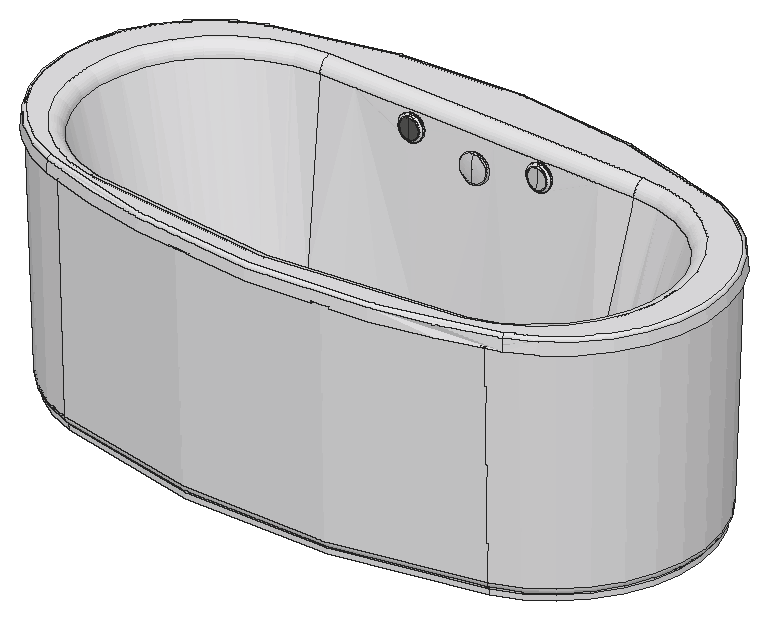
Revit family "Bath-Freestanding-BubbleMassage-Air_Bath-Heated_Surface-KOHLER-Sunstruck-K-1966", category Plumbing Fixtures, host Face, Revit 2015
Parameters (values of type "0-White")
  Width = 35 1/2"  # constant formula
  Waste Water Outlet = "Waste Water Outlet"  # constant formula
  Waste Connection = 1 = 1  # yes
  Voltage = 120 V  # constant formula
  Vent Connection = 1 = 0  # no
  URL = "https://www.us.kohler.com/us/"
  Type = 1
  Pump Electrical Connector = "Pump Electrical Connector"  # constant formula
  Product Page URL = "http://www.us.kohler.com/us/catalog/productDetails.jsp?productNumber=1966-GW"
  Product Name = "Sunstruck"  # constant formula
  Product Documentation Link = "http://www.us.kohler.com/onlinecatalog/pdf/K-1966-GW_spec.pdf"
  Model = if(Type = 1, "K-1966-GW-0", if(Type = 2, "K-1966-GW-96", "NA"))  # "K-1966-GW-0"
  Material = "Acrylic"  # constant formula
  MasterFormat 2004 = "22.41.19"  # constant formula
  MasterFormat 1995 = "15410"  # constant formula
  Manufacturer Address = "444 Highland Dr, Kohler, WI 53044"  # constant formula
  Manufacturer = "KOHLER Co."  # constant formula
  Length = 65 1/2"  # constant formula
  Hot Water Inlet = "Hot Water Inlet"  # constant formula
  Height = 24 1/2"  # constant formula
  Heater Electrical Connector = "Heater Electrical Connector"  # constant formula
  HW Connection = 1 = 0  # no
  Finish = Kohler-Acrylic-0-White
  Environmental Product Declaration = ""
  Electrical Note = "One dedicated circuit required, protected with Class A Ground-Fault Circuit-Interrupter (GFCI) or Residual Current Device (RCD)"  # constant formula
  Electrical Connector = 1 = 1  # yes
  Drain Included = 1 = 0  # no
  Description = "66inch x 36inch oval freestanding BubbleMassage Air Bath with Bask heated surface and straight shroud"  # constant formula
  Default Elevation = 0"
  Declare Label = ""
  Date Modified = "11/14/2018"  # constant formula
  Date Created = "11/14/2018"  # constant formula
  Copyright = "Copyright KOHLER Co."  # constant formula
  Contact Us = "https://www.us.kohler.com/us/static/contact.jsp"
  Cold Water Inlet = "Cold Water Inlet"  # constant formula
  CW Connection = 1 = 0  # no
  Blower Electrical Connector = "Blower Electrical Connector"  # constant formula
  Assembly Code = "D2010500"
  Apparent Load = 1800 VA  # constant formula
  Amplifier Electrical Connector = "Amplifier Electrical Connector"  # constant formula
  ADA Compliant = 1 = 0  # no
Reference planes (in)
  plane 1 "Center (Front/Back)": y = 0
  plane 2: z = 0
  plane 3 "Center (Left/Right)": x = 0
  plane 4: y = 17.75
  plane 5: y = -17.75
  plane 6: x = -32.75
  plane 7: x = 32.75
  plane 8: y = 11.6875
  plane 9: y = -1.6875
  plane 10: z = 24.5
Dimensions and locks (in)
  "Length": plane 6 to plane 7
  "Width": plane 5 to plane 4
  plane 8 to plane 4 = 6 1/16"
  plane 9 to plane 4 = 19 7/16"
  "Height": plane 10 to plane 2
  aligned and locked: plane 2 to host face
  aligned and locked: level to host face
Automatic sketch dimensions
  host sketch curve to host sketch curve = 96"  (x2)
Nested families (in)
  nested 1: "K-1966-GW" at (0, 0, 0), type "K-1966-GW"
Connectors (in)
  piping at (0, -1.6875, 2.16901), diameter 1.5, driven by "Waste Connection", driven by "Waste Water Outlet"
    settings: on nested 1, index 1, connector inside diameter 24", connector length 0", flow factor 0, pipe flow 0 GPM, pressure drop 0.00 psi, fitting loss kfactor 0, connector angle 0.00°, fixture units 0, engagement length 0", angle of deflection 0.00°, flow configuration 0, flow direction 2, fitting loss method 0, system type 16, joint type 0, gender type 0, connector reference index -1, connector utility 1, adjustable connector no, is connector primary yes, connector description "Waste Water Outlet"
  electrical at (-6.48092, 15.841, 3.14819), driven by "Voltage", driven by "Apparent Load", driven by "Electrical Connector", driven by "Blower Electrical Connector"
    settings: on nested 1, index 2, voltage 120 V, apparent load 1800 VA, apparent load phase1 0 VA, apparent load phase2 0 VA, apparent load phase3 0 VA, power factor 1, load classification "Power", number of poles 1, system type 30, power factor state 1, is connector primary yes, connector utility yes, sub classification motor no, connector description "Blower Electrical Connector"
Definition of nested family "K-1966-GW"
  Parameters (values of type "K-1966-GW")
    Material = none
    Drain material = none
  Reference planes (in)
    plane 1 "Center (Front/Back)": y = 0
    plane 2: z = 0
    plane 3 "Center (Left/Right)": x = 0
    plane 4: x = 32.75
    plane 5: z = 24.5
    plane 6: z = 24.5
    plane 7 "A": x = -6.48092
    plane 8: z = 24.5
    plane 9: x = -32.75
    plane 10: y = 17.75
    plane 11: y = -17.75
    plane 12: y = 11.6875
    plane 13: y = -1.6875
    plane 14 "B": x = 6.48092
  Forms (in)
    Sweep 1, solid, material <- "Material", detail levels medium+fine
      path origin (0, -0.04277, 0) x (1, 0, 0) y (0, 1, 0)
        loop
          arc (21.72661, -14.69696) -> (32.60257, 0.04277) -> (21.72661, 14.78251) r 15.42605
          arc (21.72661, 14.78251) -> (-0.02801, 18.06389) -> (-21.78263, 14.78251) r 73.75415
          arc (-21.78263, 14.78251) -> (-32.6586, 0.04277) -> (-21.78263, -14.69696) r 15.42605
          arc (-21.78263, -14.69696) -> (-0.02801, -17.97834) -> (21.72661, -14.69696) r 73.75415
      profile origin (-0.02801, -18.02111, 0) x (0, -1, 0) y (0, 0, 1)
        loop
          line (-0.4345, 23.13802) -> (-1.20737, 23.13802) -> (-1.59517, 17.59228)
          arc (-1.59517, 17.59228) -> (-1.91029, 11.57945) -> (-2.01537, 5.55929) r 172.5
          line (-2.01537, 5.55929) -> (-2.01537, 0) -> (-1.54796, 0) -> (-1.52866, 0.55268)
          arc (-1.52866, 0.55268) -> (-1.50012, 0.65852) -> (-1.4278, 0.74089) r 0.24194
          arc (-1.4278, 0.74089) -> (-1.20847, 0.99117) -> (-1.12264, 1.31269) r 0.73186
          line (-1.12264, 1.31269) -> (-0.4345, 23.13802)
    Sweep 2, solid, material <- "Material", detail levels medium+fine
      path origin (0, -0.31152, 0) x (1, 0, 0) y (0, 1, 0)
        loop
          arc (-23.11404, -13.59407) -> (0, -17.43849) -> (23.11404, -13.59407) r 71.40724
          arc (23.11404, -13.59407) -> (32.75, 0.31152) -> (23.11404, 14.21712) r 14.85153
          arc (23.11404, 14.21712) -> (0, 18.06154) -> (-23.11404, 14.21712) r 71.40724
          arc (-23.11404, 14.21712) -> (-32.75, 0.31152) -> (-23.11404, -13.59407) r 14.85153
      profile origin (0, -17.75002, 0) x (0, 1, 0) y (0, 0, 1)
        loop
          line (0.00002, 23.01054) -> (0.11383, 23.01054) -> (0.2108, 24.11893)
          arc (0.2108, 24.11893) -> (0.29095, 24.28146) -> (0.45985, 24.34714) r 0.25
          line (0.45985, 24.34714) -> (0.61532, 24.34714) -> (0.61532, 24.5) -> (0.45098, 24.5)
          arc (0.45098, 24.5) -> (0.21457, 24.40807) -> (0.10238, 24.18057) r 0.34993
          line (0.10238, 24.18057) -> (0.00002, 23.01054)
    Sweep 3, solid, material <- "Material", detail levels medium+fine
      path origin (-0.65125, 0.37045, 0) x (1, 0, 0) y (0, 1, 0)
        loop
          arc (-13.80583, -12.20259) -> (0.30466, -13.64071) -> (14.40809, -12.13485) r 68.33389
          arc (14.40809, -12.13485) -> (22.61849, -2.05633) -> (14.545, 8.13219) r 10.37734
          arc (14.545, 8.13219) -> (0.24308, 9.71884) -> (-14.04948, 8.05002) r 63.60432
          arc (-14.04948, 8.05002) -> (-22.05987, -2.17412) -> (-13.80583, -12.20259) r 10.37154
      profile origin (-0.34659, -13.27026, 0) x (-0.002401, 0.999997, 0) y (0, 0, 1)
        loop
          line (-0.24, 6.51001) -> (-0.57074, 6.51001)
          arc (-0.57074, 6.51001) -> (0.5314, 4.46811) -> (2.71442, 3.68166) r 3.25
          line (2.71442, 3.68166) -> (3.01867, 3.68166) -> (3.01867, 4.03096) -> (2.71442, 4.03096)
          arc (2.71442, 4.03096) -> (0.78606, 4.73282) -> (-0.24, 6.51001) r 3
    Revolve 4, solid, material <- "Drain material", detail levels medium+fine
      sketch origin (0, -1.53027, -0.00106) x (0, 1, 0) y (0, 0, 1)
        loop
          line (13.43649, 20.42625) -> (12.55971, 20.48756)
          arc (12.55971, 20.48756) -> (12.54804, 19.82068) -> (12.6107, 19.15665) r 5.98011
          arc (12.6107, 19.15665) -> (12.6367, 19.1057) -> (12.68808, 19.08057) r 0.09037
          line (12.68808, 19.08057) -> (13.2483, 19.00565) -> (13.25711, 19.11625)
          arc (13.25711, 19.11625) -> (13.26951, 19.14061) -> (13.2958, 19.14811) r 0.03422
          line (13.2958, 19.14811) -> (13.34664, 19.14131) -> (13.43649, 20.42625)
        axis (12.55971, 20.48756) -> (13.43649, 20.42625)
      angle from 0 to 360
    Revolve 5, solid, material <- "Material", detail levels medium+fine
      sketch origin (0, 0, 0.0625) x (0, 1, 0) y (0, 0, 1)
        loop
          line (-1.6875, 3.61916) -> (-1.6875, 2.10651) -> (-0.9375, 2.10651) -> (-0.9375, 1.93586) -> (-0.74206, 1.93586) -> (-0.74206, 3.18586) -> (-0.38189, 3.18586)
          arc (-0.38189, 3.18586) -> (-0.21323, 3.2194) -> (-0.07025, 3.31494) r 0.44072
          line (-0.07025, 3.31494) -> (0.15621, 3.5414)
          arc (0.15621, 3.5414) -> (0.24033, 3.59812) -> (0.33958, 3.61916) r 0.2656
          line (0.33958, 3.61916) -> (-1.6875, 3.61916)
        axis (-1.6875, 3.61916) -> (-1.6875, 1.93586)
      angle from 0 to 360
    Sweep 6, solid, material <- "Material", detail levels medium+fine
      path origin (0, 0, 0) x (1, 0, 0) y (0, 1, 0)
        loop
          arc (-15.91994, 11.6875) -> (-28.29768, 0.47984) -> (-18.37017, -12.94642) r 12.43882
          arc (-18.37017, -12.94642) -> (0.12996, -14.68833) -> (18.58936, -12.55759) r 89.15619
          arc (18.58936, -12.55759) -> (28.11574, 0.76078) -> (15.91994, 11.6875) r 12.2695
          line (15.91994, 11.6875) -> (-15.91994, 11.6875)
      profile origin (0, 11.6875, 0) x (0, 1, 0) y (0, 0, 1)
        loop
          line (0.003, 23.24357) -> (0.33352, 23.24357)
          arc (0.33352, 23.24357) -> (0.68246, 24.02627) -> (1.47708, 24.34717) r 1.14428
          line (1.47708, 24.34717) -> (1.56336, 24.34717) -> (1.56336, 24.5) -> (1.27278, 24.5)
          arc (1.27278, 24.5) -> (0.37961, 24.1328) -> (0.003, 23.24357) r 1.26985
    Revolve 7, solid, material <- "Material", detail levels medium+fine
      sketch origin (-6.48092, -0.875, -0.04794) x (0, -1, 0) y (0, 0, 1)
        loop
          line (-12.3897, 23.13673) -> (-12.73416, 23.13673) -> (-12.66577, 21.84664) -> (-12.35592, 21.86307) -> (-12.40865, 22.85769) -> (-12.10825, 22.85769) -> (-12.10825, 22.89457)
          arc (-12.10825, 22.89457) -> (-12.11502, 22.91632) -> (-12.13295, 22.93038) r 0.03831
          arc (-12.13295, 22.93038) -> (-12.26362, 23.0067) -> (-12.36238, 23.12135) r 0.45913
          arc (-12.36238, 23.12135) -> (-12.37402, 23.13262) -> (-12.3897, 23.13673) r 0.03195
        axis (-12.05441, 21.87905) -> (-12.66577, 21.84664)
      angle from 0 to 360
    Revolve 8, solid, material <- "Drain material", detail levels medium+fine
      sketch origin (0, 0, 0) x (0, 1, 0) y (0, 0, 1)
        loop
          line (-1.6875, 4.26235) -> (-1.6875, 3.6439) -> (-0.32353, 3.6439) -> (0.12658, 4.04918)
          arc (0.12658, 4.04918) -> (0.13712, 4.09307) -> (0.09992, 4.11864) r 0.03984
          line (0.09992, 4.11864) -> (-0.12079, 4.11864)
          arc (-0.12079, 4.11864) -> (-0.18453, 4.10596) -> (-0.23856, 4.06985) r 0.16655
          line (-0.23856, 4.06985) -> (-0.33993, 3.96848)
          arc (-0.33993, 3.96848) -> (-0.39533, 3.93146) -> (-0.46069, 3.91846) r 0.17077
          line (-0.46069, 3.91846) -> (-1.13844, 3.91846) -> (-1.13844, 4.0675) -> (-0.34006, 4.0675)
          arc (-0.34006, 4.0675) -> (-0.31733, 4.07691) -> (-0.30792, 4.09963) r 0.03214
          line (-0.30792, 4.09963) -> (-0.30792, 4.14469)
          arc (-0.30792, 4.14469) -> (-0.31537, 4.16436) -> (-0.33397, 4.17416) r 0.02969
          arc (-0.33397, 4.17416) -> (-1.00946, 4.23785) -> (-1.6875, 4.26235) r 11.72048
        axis (-1.6875, 4.26235) -> (-1.6875, 3.6439)
      angle from 0 to 360
    Revolve 9, solid, detail levels medium+fine
      sketch origin (-6.48092, -0.875, -0.04794) x (0, -1, 0) y (0, 0, 1)
        loop
          line (-12.05449, 21.87904) -> (-12.10576, 22.84617) -> (-12.37883, 22.84617) -> (-12.3268, 21.86461) -> (-12.05449, 21.87904)
        axis (-12.05449, 21.87904) -> (-12.3268, 21.86461)
      angle from 0 to 360
    Extrusion 10, solid, material <- "Material", detail levels medium+fine
      sketch origin (0, 0, 0) x (1, 0, 0) y (0, 1, 0)
        loop
          arc (-22.9063, 13.32634) -> (-32.13468, 0) -> (-22.9063, -13.32634) r 14.23621
          arc (-22.9063, -13.32634) -> (0, -17.1347) -> (22.9063, -13.32634) r 70.79193
          arc (22.9063, -13.32634) -> (32.13468, 0) -> (22.9063, 13.32634) r 14.23621
          arc (22.9063, 13.32634) -> (0, 17.1347) -> (-22.9063, 13.32634) r 70.79193
        loop
          line (15.91994, 13.25086) -> (-15.91994, 13.25086)
          arc (-15.91994, 13.25086) -> (-29.85336, 0.63458) -> (-18.67813, -14.47915) r 14.00218
          arc (-18.67813, -14.47915) -> (0.14641, -16.2516) -> (18.9295, -14.0835) r 90.71954
          arc (18.9295, -14.0835) -> (29.66971, 0.93187) -> (15.91994, 13.25086) r 13.83286
      from 24.34714 to 24.5
    Blend 11, solid, material <- "Material", detail levels medium+fine
      base sketch origin (0, 0, 0) x (1, 0, 0) y (0, 1, 0)
        loop
          arc (-14.57357, -12.39087) -> (-0.34522, -13.841) -> (13.876, -12.32256) r 68.90463
          arc (13.876, -12.32256) -> (22.53797, -1.68973) -> (14.02044, 9.05914) r 10.94807
          arc (14.02044, 9.05914) -> (-0.40981, 10.66002) -> (-14.83062, 8.97623) r 64.17506
          arc (-14.83062, 8.97623) -> (-23.28182, -1.81054) -> (-14.57357, -12.39087) r 10.94228
      top sketch origin (0, 0, 0) x (1, 0, 0) y (0, 1, 0)
        loop
          arc (18.66192, -12.88312) -> (28.44726, 0.79728) -> (15.91994, 12.02102) r 12.60302
          line (15.91994, 12.02102) -> (-15.91994, 12.02102)
          arc (-15.91994, 12.02102) -> (-28.62956, 0.51285) -> (-18.43587, -13.27341) r 12.77234
          arc (-18.43587, -13.27341) -> (0.13347, -15.02183) -> (18.66192, -12.88312) r 89.48971
      from 6.51001 to 23.24357
    Blend 12, void
      base sketch origin (0, 0, 0) x (1, 0, 0) y (0, 1, 0)
        loop
          arc (13.80695, -11.99911) -> (22.20724, -1.6875) -> (13.94702, 8.73666) r 10.61734
          arc (13.94702, 8.73666) -> (-0.40886, 10.32929) -> (-14.75535, 8.65417) r 63.84432
          arc (-14.75535, 8.65417) -> (-22.9511, -1.80656) -> (-14.50607, -12.06709) r 10.61154
          arc (-14.50607, -12.06709) -> (-0.34601, -13.51026) -> (13.80695, -11.99911) r 68.5739
      top sketch origin (0, 0, 0) x (1, 0, 0) y (0, 1, 0)
        loop
          arc (-15.91994, 11.6905) -> (-28.30066, 0.48014) -> (-18.37077, -12.94936) r 12.44182
          arc (-18.37077, -12.94936) -> (0.13, -14.69133) -> (18.59001, -12.56052) r 89.15918
          arc (18.59001, -12.56052) -> (28.11872, 0.7611) -> (15.91994, 11.6905) r 12.2725
          line (15.91994, 11.6905) -> (-15.91994, 11.6905)
      from 6.51001 to 23.24357
    Extrusion 13, solid, material <- "Material", detail levels medium+fine
      sketch origin (0, 0, 0) x (1, 0, 0) y (0, 1, 0)
        loop
          arc (-14.01373, 5.48102) -> (-19.69267, -1.76736) -> (-13.841, -8.87701) r 7.35287
          arc (-13.841, -8.87701) -> (-0.35384, -10.2516) -> (13.12657, -8.81227) r 65.31523
          arc (13.12657, -8.81227) -> (18.94865, -1.66549) -> (13.22365, 5.55929) r 7.35867
          arc (13.22365, 5.55929) -> (-0.3995, 7.07063) -> (-14.01373, 5.48102) r 60.58565
      from 3.68166 to 4.03096
    Revolve 14, void
      sketch origin (0, 0, 0) x (0, 1, 0) y (0, 0, 1)
        loop
          line (-1.6875, 3.59695) -> (-0.38073, 3.59695)
          arc (-0.38073, 3.59695) -> (-0.30882, 3.61126) -> (-0.24785, 3.65199) r 0.18792
          line (-0.24785, 3.65199) -> (-0.0398, 3.86005)
          arc (-0.0398, 3.86005) -> (0.14951, 3.98654) -> (0.37281, 4.03096) r 0.58351
          line (0.37281, 4.03096) -> (-1.6875, 4.03096) -> (-1.6875, 3.59695)
        axis (-1.6875, 3.59695) -> (-1.6875, 4.03096)
      angle from 0 to 360
    Extrusion 15, solid, material <- "Material", detail levels medium+fine
      sketch origin (0, 0, 0) x (1, 0, 0) y (0, 1, 0)
        loop
          arc (21.13215, -12.81403) -> (30.5872, 0) -> (21.13215, 12.81403) r 13.41068
          arc (21.13215, 12.81403) -> (-0.02801, 16.00574) -> (-21.18818, 12.81403) r 71.73878
          arc (-21.18818, 12.81403) -> (-30.64323, 0) -> (-21.18818, -12.81403) r 13.41068
          arc (-21.18818, -12.81403) -> (-0.02801, -16.00574) -> (21.13215, -12.81403) r 71.73878
        loop
          line (1.90491, -4.0135) -> (1.90491, 8.1815) -> (3.58491, 9.8615) -> (8.15491, 9.8615)
          arc (8.15491, 9.8615) -> (10.02991, 11.7365) -> (8.15491, 13.6115) r 1.875
          line (8.15491, 13.6115) -> (1.90491, 13.6115) -> (1.90491, 13.89278)
          arc (1.90491, 13.89278) -> (0, 15.7977) -> (-1.90491, 13.89278) r 1.90491
          line (-1.90491, 13.89278) -> (-1.90491, 13.6115) -> (-8.15491, 13.6115)
          arc (-8.15491, 13.6115) -> (-10.02991, 11.7365) -> (-8.15491, 9.8615) r 1.875
          line (-8.15491, 9.8615) -> (-3.58491, 9.8615) -> (-1.90491, 8.1815) -> (-1.90491, -4.0135)
          arc (-1.90491, -4.0135) -> (0, -5.91841) -> (1.90491, -4.0135) r 1.90491
      from 0 to 0.2482
    Extrusion 16, solid, material <- "Material", detail levels medium+fine
      sketch origin (0, 0, 0) x (1, 0, 0) y (0, 0, 1)
        loop
          circle (-6.48092, 3.14819) r 0.25
      from -15.841 to -15.62255
    Extrusion 17, solid, material <- "Material", detail levels coarse
      sketch origin (0, 0, 0) x (1, 0, 0) y (0, 1, 0)
        loop
          arc (23.11404, 13.9056) -> (0, 17.75002) -> (-23.11404, 13.9056) r 71.40724
          arc (-23.11404, 13.9056) -> (-32.75, 0) -> (-23.11404, -13.9056) r 14.85153
          arc (-23.11404, -13.9056) -> (0, -17.75002) -> (23.11404, -13.9056) r 71.40724
          arc (23.11404, -13.9056) -> (32.75, 0) -> (23.11404, 13.9056) r 14.85153
      from 0 to 24.5
    Blend 18, void
      base sketch origin (0, 0, 0) x (1, 0, 0) y (0, 1, 0)
        loop
          arc (-14.50607, -12.06709) -> (-0.34601, -13.51026) -> (13.80695, -11.99911) r 68.5739
          arc (13.80695, -11.99911) -> (22.20724, -1.6875) -> (13.94702, 8.73666) r 10.61734
          arc (13.94702, 8.73666) -> (-0.40886, 10.32929) -> (-14.75535, 8.65417) r 63.84432
          arc (-14.75535, 8.65417) -> (-22.9511, -1.80656) -> (-14.50607, -12.06709) r 10.61154
      top sketch origin (0, 0, 0) x (1, 0, 0) y (0, 1, 0)
        loop
          arc (-18.37077, -12.94936) -> (0.13, -14.69133) -> (18.59001, -12.56052) r 89.15918
          arc (18.59001, -12.56052) -> (28.11872, 0.7611) -> (15.91994, 11.6905) r 12.2725
          line (15.91994, 11.6905) -> (-15.91994, 11.6905)
          arc (-15.91994, 11.6905) -> (-28.30066, 0.48014) -> (-18.37077, -12.94936) r 12.44182
      from 3.6439 to 24.5
    Revolve 19, solid, material <- "Material", detail levels medium+fine
      sketch origin (6.48092, 0, 0) x (0, -1, 0) y (0, 0, 1)
        loop
          line (-11.5147, 23.08879) -> (-11.85916, 23.08879) -> (-11.79078, 21.7987) -> (-11.48092, 21.81513) -> (-11.53365, 22.80975) -> (-11.23325, 22.80975) -> (-11.23325, 22.84663)
          arc (-11.23325, 22.84663) -> (-11.24002, 22.86838) -> (-11.25795, 22.88244) r 0.03831
          arc (-11.25795, 22.88244) -> (-11.38862, 22.95876) -> (-11.48738, 23.07341) r 0.45913
          arc (-11.48738, 23.07341) -> (-11.49903, 23.08468) -> (-11.5147, 23.08879) r 0.03195
        axis (-11.17942, 21.83111) -> (-11.79078, 21.7987)
      angle from 0 to 360
    Revolve 20, solid, detail levels medium+fine
      sketch origin (6.48092, 0, 0) x (0, -1, 0) y (0, 0, 1)
        loop
          line (-11.17949, 21.8311) -> (-11.23076, 22.79823) -> (-11.50384, 22.79823) -> (-11.4518, 21.81667) -> (-11.17949, 21.8311)
        axis (-11.17949, 21.8311) -> (-11.4518, 21.81667)
      angle from 0 to 360
  Cuts and joins
    joined: Revolve 4, Revolve 8
    Revolve 14 cuts Revolve 5
    Blend 12 cuts Blend 11
    Revolve 14 cuts Extrusion 13
    joined: Sweep 2, Sweep 3, Revolve 5, Sweep 6, Revolve 7, Extrusion 10, Blend 11, Extrusion 13, Revolve 19
    joined: Sweep 1, Extrusion 15
    Blend 18 cuts Extrusion 17
  Lines and regions (in)
    Masking region 1
      outline origin (0, 0, 0) x (1, 0, 0) y (0, 0, 1)
        loop
          arc (-32.29809, 24.5) -> (-32.53519, 24.4078) -> (-32.6477, 24.17964) r 0.35095
          line (-32.6477, 24.17964) -> (-32.74998, 23.01054) -> (-32.22183, 23.01054) -> (-31.53726, 1.30407)
          arc (-31.53726, 1.30407) -> (-31.45277, 0.98943) -> (-31.23698, 0.74535) r 0.71207
          arc (-31.23698, 0.74535) -> (-31.16142, 0.66002) -> (-31.13159, 0.55003) r 0.25
          line (-31.13159, 0.55003) -> (-31.11238, 0) -> (31.11238, 0) -> (31.13159, 0.55003)
          arc (31.13159, 0.55003) -> (31.16142, 0.66002) -> (31.23698, 0.74535) r 0.25
          arc (31.23698, 0.74535) -> (31.45277, 0.98943) -> (31.53726, 1.30407) r 0.71207
          line (31.53726, 1.30407) -> (32.22183, 23.01054) -> (32.74998, 23.01054) -> (32.6477, 24.17964)
          arc (32.6477, 24.17964) -> (32.53519, 24.4078) -> (32.29809, 24.5) r 0.35095
          line (32.29809, 24.5) -> (-32.29809, 24.5)
    Masking region 2
      outline origin (0, -0.32863, 0) x (0, 1, 0) y (0, 0, 1)
        loop
          line (17.62673, 24.5) -> (-16.96948, 24.5)
          arc (-16.96948, 24.5) -> (-17.20658, 24.4078) -> (-17.31909, 24.17964) r 0.35095
          line (-17.31909, 24.17964) -> (-17.42137, 23.01054) -> (-17.2526, 23.01054) -> (-16.56802, 1.30407)
          arc (-16.56802, 1.30407) -> (-16.48353, 0.98943) -> (-16.26775, 0.74535) r 0.71207
          arc (-16.26775, 0.74535) -> (-16.19219, 0.66002) -> (-16.16235, 0.55003) r 0.25
          line (-16.16235, 0.55003) -> (-16.14314, 0) -> (16.80039, 0) -> (16.8196, 0.55003)
          arc (16.8196, 0.55003) -> (16.84944, 0.66002) -> (16.925, 0.74535) r 0.25
          arc (16.925, 0.74535) -> (17.14078, 0.98943) -> (17.22527, 1.30407) r 0.71207
          line (17.22527, 1.30407) -> (17.90985, 23.01054) -> (18.07863, 23.01054) -> (17.97634, 24.17964)
          arc (17.97634, 24.17964) -> (17.86383, 24.4078) -> (17.62673, 24.5) r 0.35095
    Masking region 3
      outline origin (0, 0, 0) x (1, 0, 0) y (0, 1, 0)
        loop
          arc (-23.11404, -13.9056) -> (0, -17.75002) -> (23.11404, -13.9056) r 71.40724
          arc (23.11404, -13.9056) -> (32.75, 0) -> (23.11404, 13.9056) r 14.85153
          arc (23.11404, 13.9056) -> (0, 17.75002) -> (-23.11404, 13.9056) r 71.40724
          arc (-23.11404, 13.9056) -> (-32.75, 0) -> (-23.11404, -13.9056) r 14.85153
    symbolic lines, detail levels medium+fine
      curve 1: line (-32.22183, 0, 23.01054) -> (32.22183, 0, 23.01054)
      curve 2: line (-31.13159, 0, 0.55003) -> (31.13159, 0, 0.55003)
      curve 3: line (0, 17.58122, 23.01054) -> (0, -17.58122, 23.01054)
      curve 4: line (0, 16.49098, 0.55003) -> (0, -16.49098, 0.55003)
      curve 5: arc (-18.37077, -12.94936, 0) -> (-28.30066, 0.48014, 0) -> (-15.91994, 11.6905, 0) r 12.44182
      curve 6: arc (18.59001, -12.56052, 0) -> (0.13, -14.69133, 0) -> (-18.37077, -12.94936, 0) r 89.15918
      curve 7: arc (15.91994, 11.6905, 0) -> (28.11872, 0.7611, 0) -> (18.59001, -12.56052, 0) r 12.2725
      curve 8: line (-15.91994, 11.6905, 0) -> (15.91994, 11.6905, 0)
      curve 9: arc (-14.75535, 8.65417, 0) -> (-0.40886, 10.32929, 0) -> (13.94702, 8.73666, 0) r 63.84432
      curve 10: arc (-14.50607, -12.06709, 0) -> (-22.9511, -1.80656, 0) -> (-14.75535, 8.65417, 0) r 10.61154
      curve 11: arc (13.80695, -11.99911, 0) -> (-0.34601, -13.51026, 0) -> (-14.50607, -12.06709, 0) r 68.5739
      curve 12: arc (13.94702, 8.73666, 0) -> (22.20724, -1.6875, 0) -> (13.80695, -11.99911, 0) r 10.61734
      curve 13: circle (0, -1.6875, 0) r 2.02708 normal (0, 0, -1)
      curve 14: circle (0, -1.6875, 0) r 1.36397 normal (0, 0, -1)
      curve 15: spline (-5.50081, 11.17982, 0) -> (-5.5342, 11.19337, 0) -> (-5.63212, 11.206, 0) -> (-5.78788, 11.21685, 0) -> (-5.99086, 11.22517, 0) -> (-6.22725, 11.2304, 0) -> (-6.48092, 11.23219, 0) -> (-6.7346, 11.2304, 0) -> (-6.97098, 11.22517, 0) -> (-7.17397, 11.21685, 0) -> (-7.32973, 11.206, 0) -> (-7.42764, 11.19337, 0) -> (-7.46104, 11.17982, 0) -> (-7.42764, 11.16627, 0) -> (-7.32973, 11.15364, 0) -> (-7.17397, 11.14279, 0) -> (-6.97098, 11.13447, 0) -> (-6.7346, 11.12924, 0) -> (-6.48092, 11.12745, 0) -> (-6.22725, 11.12924, 0) -> (-5.99086, 11.13447, 0) -> (-5.78788, 11.14279, 0) -> (-5.63212, 11.15364, 0) -> (-5.5342, 11.16627, 0) -> (-5.50081, 11.17982, 0)
      curve 16: spline (-5.46398, 11.17982, 0) -> (-5.49863, 11.19337, 0) -> (-5.60024, 11.206, 0) -> (-5.76188, 11.21685, 0) -> (-5.97252, 11.22517, 0) -> (-6.21782, 11.2304, 0) -> (-6.48107, 11.23219, 0) -> (-6.74431, 11.2304, 0) -> (-6.98961, 11.22517, 0) -> (-7.20026, 11.21685, 0) -> (-7.36189, 11.206, 0) -> (-7.4635, 11.19337, 0) -> (-7.49816, 11.17982, 0) -> (-7.4635, 11.16627, 0) -> (-7.36189, 11.15364, 0) -> (-7.20026, 11.14279, 0) -> (-6.98961, 11.13447, 0) -> (-6.74431, 11.12924, 0) -> (-6.48107, 11.12745, 0) -> (-6.21782, 11.12924, 0) -> (-5.97252, 11.13447, 0) -> (-5.76188, 11.14279, 0) -> (-5.60024, 11.15364, 0) -> (-5.49863, 11.16627, 0) -> (-5.46398, 11.17982, 0)
      curve 17: line (-7.75939, 11.5375, 0) -> (-7.75455, 11.44849, 0)
      curve 18: spline (-5.20245, 11.5375, 0) -> (-5.24601, 11.57315, 0) -> (-5.37373, 11.60637, 0) -> (-5.57691, 11.63489, 0) -> (-5.84169, 11.65678, 0) -> (-6.15003, 11.67054, 0) -> (-6.48092, 11.67523, 0) -> (-6.81182, 11.67054, 0) -> (-7.12016, 11.65678, 0) -> (-7.38494, 11.63489, 0) -> (-7.58811, 11.60637, 0) -> (-7.71583, 11.57315, 0) -> (-7.75939, 11.5375, 0)
      curve 19: arc (-7.73354, 11.41593, 0) -> (-7.6196, 11.33, 0) -> (-7.53975, 11.21173, 0) r 0.43339
      curve 20: arc (-7.75455, 11.44849, 0) -> (-7.74836, 11.42942, 0) -> (-7.73354, 11.41593, 0) r 0.03909
      curve 21: arc (-7.53975, 11.21173, 0) -> (-7.50569, 11.1748, 0) -> (-7.45642, 11.16497, 0) r 0.08119
      curve 22: spline (-7.46104, 11.17982, 0) -> (-7.42764, 11.19337, 0) -> (-7.32973, 11.206, 0) -> (-7.17397, 11.21685, 0) -> (-6.97098, 11.22517, 0) -> (-6.7346, 11.2304, 0) -> (-6.48092, 11.23219, 0) -> (-6.22725, 11.2304, 0) -> (-5.99086, 11.22517, 0) -> (-5.78788, 11.21685, 0) -> (-5.63212, 11.206, 0) -> (-5.5342, 11.19337, 0) -> (-5.50081, 11.17982, 0) -> (-5.5342, 11.16627, 0) -> (-5.63212, 11.15364, 0) -> (-5.78788, 11.14279, 0) -> (-5.99086, 11.13447, 0) -> (-6.22725, 11.12924, 0) -> (-6.48092, 11.12745, 0) -> (-6.7346, 11.12924, 0) -> (-6.97098, 11.13447, 0) -> (-7.17397, 11.14279, 0) -> (-7.32973, 11.15364, 0) -> (-7.42764, 11.16627, 0) -> (-7.46104, 11.17982, 0)
      curve 23: line (-5.20245, 11.5375, 0) -> (-5.2073, 11.44849, 0)
      curve 24: arc (-5.22831, 11.41593, 0) -> (-5.34225, 11.33, 0) -> (-5.4221, 11.21173, 0) r 0.43339
      curve 25: arc (-5.2073, 11.44849, 0) -> (-5.21348, 11.42942, 0) -> (-5.22831, 11.41593, 0) r 0.03909
      curve 26: arc (-5.4221, 11.21173, 0) -> (-5.45623, 11.17475, 0) -> (-5.5056, 11.16499, 0) r 0.08119
      curve 27: spline (1.41532, 11.58219, 0) -> (1.32696, 11.60503, 0) -> (1.164, 11.62577, 0) -> (0.93559, 11.64326, 0) -> (0.65457, 11.6565, 0) -> (0.33675, 11.66476, 0) -> (0, 11.66757, 0) -> (-0.33675, 11.66476, 0) -> (-0.65457, 11.6565, 0) -> (-0.93559, 11.64326, 0) -> (-1.164, 11.62577, 0) -> (-1.32696, 11.60503, 0) -> (-1.41532, 11.58219, 0)
      curve 28: line (-1.41532, 11.58219, 0) -> (-1.3947, 11.25732, 0)
      curve 29: arc (-1.30786, 11.15618, 0) -> (0, 11.01489, 0) -> (1.30786, 11.15618, 0) r 6.12378
      curve 30: arc (-1.3947, 11.25732, 0) -> (-1.36821, 11.19222, 0) -> (-1.30786, 11.15618, 0) r 0.11071
      curve 31: line (1.41532, 11.58219, 0) -> (1.3947, 11.25732, 0)
      curve 32: arc (1.3947, 11.25732, 0) -> (1.36821, 11.19222, 0) -> (1.30786, 11.15618, 0) r 0.11071
      curve 33: spline (5.50081, 11.17982, 0) -> (5.5342, 11.19337, 0) -> (5.63212, 11.206, 0) -> (5.78788, 11.21685, 0) -> (5.99086, 11.22517, 0) -> (6.22725, 11.2304, 0) -> (6.48092, 11.23219, 0) -> (6.7346, 11.2304, 0) -> (6.97098, 11.22517, 0) -> (7.17397, 11.21685, 0) -> (7.32973, 11.206, 0) -> (7.42764, 11.19337, 0) -> (7.46104, 11.17982, 0) -> (7.42764, 11.16627, 0) -> (7.32973, 11.15364, 0) -> (7.17397, 11.14279, 0) -> (6.97098, 11.13447, 0) -> (6.7346, 11.12924, 0) -> (6.48092, 11.12745, 0) -> (6.22725, 11.12924, 0) -> (5.99086, 11.13447, 0) -> (5.78788, 11.14279, 0) -> (5.63212, 11.15364, 0) -> (5.5342, 11.16627, 0) -> (5.50081, 11.17982, 0)
      curve 34: spline (5.46398, 11.17982, 0) -> (5.49863, 11.19337, 0) -> (5.60024, 11.206, 0) -> (5.76188, 11.21685, 0) -> (5.97252, 11.22517, 0) -> (6.21782, 11.2304, 0) -> (6.48107, 11.23219, 0) -> (6.74431, 11.2304, 0) -> (6.98961, 11.22517, 0) -> (7.20026, 11.21685, 0) -> (7.36189, 11.206, 0) -> (7.4635, 11.19337, 0) -> (7.49816, 11.17982, 0) -> (7.4635, 11.16627, 0) -> (7.36189, 11.15364, 0) -> (7.20026, 11.14279, 0) -> (6.98961, 11.13447, 0) -> (6.74431, 11.12924, 0) -> (6.48107, 11.12745, 0) -> (6.21782, 11.12924, 0) -> (5.97252, 11.13447, 0) -> (5.76188, 11.14279, 0) -> (5.60024, 11.15364, 0) -> (5.49863, 11.16627, 0) -> (5.46398, 11.17982, 0)
      curve 35: line (7.75939, 11.5375, 0) -> (7.75455, 11.44849, 0)
      curve 36: spline (5.20245, 11.5375, 0) -> (5.24601, 11.57315, 0) -> (5.37373, 11.60637, 0) -> (5.57691, 11.63489, 0) -> (5.84169, 11.65678, 0) -> (6.15003, 11.67054, 0) -> (6.48092, 11.67523, 0) -> (6.81182, 11.67054, 0) -> (7.12016, 11.65678, 0) -> (7.38494, 11.63489, 0) -> (7.58811, 11.60637, 0) -> (7.71583, 11.57315, 0) -> (7.75939, 11.5375, 0)
      curve 37: arc (7.73354, 11.41593, 0) -> (7.6196, 11.33, 0) -> (7.53975, 11.21173, 0) r 0.43339
      curve 38: arc (7.75455, 11.44849, 0) -> (7.74836, 11.42942, 0) -> (7.73354, 11.41593, 0) r 0.03909
      curve 39: arc (7.53975, 11.21173, 0) -> (7.50569, 11.1748, 0) -> (7.45642, 11.16497, 0) r 0.08119
      curve 40: spline (7.46104, 11.17982, 0) -> (7.42764, 11.19337, 0) -> (7.32973, 11.206, 0) -> (7.17397, 11.21685, 0) -> (6.97098, 11.22517, 0) -> (6.7346, 11.2304, 0) -> (6.48092, 11.23219, 0) -> (6.22725, 11.2304, 0) -> (5.99086, 11.22517, 0) -> (5.78788, 11.21685, 0) -> (5.63212, 11.206, 0) -> (5.5342, 11.19337, 0) -> (5.50081, 11.17982, 0) -> (5.5342, 11.16627, 0) -> (5.63212, 11.15364, 0) -> (5.78788, 11.14279, 0) -> (5.99086, 11.13447, 0) -> (6.22725, 11.12924, 0) -> (6.48092, 11.12745, 0) -> (6.7346, 11.12924, 0) -> (6.97098, 11.13447, 0) -> (7.17397, 11.14279, 0) -> (7.32973, 11.15364, 0) -> (7.42764, 11.16627, 0) -> (7.46104, 11.17982, 0)
      curve 41: line (5.20245, 11.5375, 0) -> (5.2073, 11.44849, 0)
      curve 42: arc (5.22826, 11.41595, 0) -> (5.34223, 11.33002, 0) -> (5.4221, 11.21173, 0) r 0.43339
      curve 43: arc (5.2073, 11.44849, 0) -> (5.21347, 11.42945, 0) -> (5.22826, 11.41595, 0) r 0.03909
      curve 44: arc (5.4221, 11.21173, 0) -> (5.45623, 11.17475, 0) -> (5.5056, 11.16499, 0) r 0.08119
  Dimensions and locks (in)
    plane 5 to level = 24 1/2"
    plane 6 to level = 24 1/2"
    plane 8 to level = 24 1/2"
    equal spacing: plane 9, plane 3 "Center (Left/Right)", plane 4
    locked: plane 9 to plane 4 at 65.5
    locked: plane 11 to plane 10 at 35.5
    equal spacing: plane 10, plane 1 "Center (Front/Back)", plane 11
    locked: plane 10 to plane 12 at 6.0625
    locked: plane 10 to plane 13 at 19.4375
    aligned and locked: plane 2 to level
  Automatic sketch dimensions
    curve 13 to curve 14 = 0"  (x2)
    curve 18 to plane 7 "A" = 0"
    curve 29 to plane 3 "Center (Left/Right)" = 0"
    curve 13 to plane 3 "Center (Left/Right)" = 0"
    curve 27 to plane 3 "Center (Left/Right)" = 0"
    curve 36 to plane 14 "B" = 0"
    curve 14 to plane 13 = 0"
    curve 21 to plane 12 = 0.4419"
    plane 7 "A" to curve 21 = 0.98503"
    curve 20 to curve 21 = 0.24956"
    curve 17 to plane 12 = 0.23901"
    curve 17 to curve 20 = 0.03903"
    curve 17 to plane 12 = 0.15"
    curve 17 to curve 20 = 0.00485"
    curve 19 to curve 17 = 0.17941"
    plane 13 to curve 10 = 0.00859"
    plane 7 "A" to curve 10 = 5.85941"
    plane 1 "Center (Front/Back)" to curve 5 = 0.75132"
    curve 5 to curve 10 = 3.57961"
    curve 26 to curve 18 = 0.29344"
    curve 25 to curve 18 = 0.04388"
    curve 23 to plane 12 = 0.23901"
    curve 25 to curve 23 = 0.03903"
    curve 25 to curve 24 = 0.17941"
    curve 28 to plane 12 = 0.10531"
    curve 28 to plane 3 "Center (Left/Right)" = 1.41532"
    curve 28 to plane 12 = 0.43018"
    curve 27 to curve 28 = 0.02062"
    curve 28 to curve 30 = 0.11048"
    curve 6 to plane 3 "Center (Left/Right)" = 0.80795"
    curve 11 to plane 3 "Center (Left/Right)" = 0.51065"
    curve 9 to plane 3 "Center (Left/Right)" = 0.22538"
    curve 32 to plane 12 = 0.42317"
    plane 3 "Center (Left/Right)" to curve 32 = 1.28421"
    curve 31 to plane 12 = 0.43018"
    curve 32 to curve 31 = 0.11048"
    curve 31 to plane 12 = 0.10531"
    curve 42 to plane 12 = 0.65584"
    curve 42 to plane 14 "B" = 1.45304"
    curve 41 to plane 12 = 0.15"
    curve 42 to curve 41 = 0.17456"
    curve 41 to plane 12 = 0.23901"
    curve 41 to curve 41 = 0.00485"
    curve 43 to curve 43 = 0.03903"
    curve 43 to curve 44 = 0.24956"
    curve 39 to curve 36 = 0.29344"
    curve 38 to curve 35 = 0.04388"
    curve 35 to plane 12 = 0.23901"
    curve 38 to curve 35 = 0.03903"
    curve 38 to curve 37 = 0.17941"
    plane 13 to curve 12 = 0.07172"
    plane 14 "B" to curve 12 = 5.10922"
    plane 1 "Center (Front/Back)" to curve 7 = 0.582"
    curve 12 to curve 7 = 4.3298"
    plane 11 to curve 9 = 35.76477"
    curve 37 to curve 38 = 0.41683"
    curve 24 to curve 25 = 0.41683"
    curve 19 to curve 17 = 0.41682"
    curve 44 to curve 43 = 0.20289"
    curve 26 to curve 23 = 0.20289"
    curve 39 to curve 35 = 0.20289"
    curve 28 to curve 30 = 0.00701"
    curve 23 to curve 25 = 0.00213"
    curve 35 to curve 38 = 0.00213"
    curve 20 to curve 20 = 0.00213"
    curve 43 to curve 43 = 0.00213"
    curve 38 to curve 35 = 0.08901"
    curve 23 to curve 18 = 0"
    plane 12 to curve 8 = 0.003"
    curve 29 to plane 10 = 0.61132"
    plane 10 to curve 11 = 37.31344"
    curve 11 to curve 6 = 19.39949"
    plane 7 "A" to curve 22 = 0"
    curve 16 to curve 22 = 0.00014"
    curve 21 to curve 21 = 0.00954"
    curve 22 to curve 21 = 0.00462"
    curve 19 to curve 21 = 0.07379"
    curve 17 to curve 20 = 0.02101"
    curve 5 to curve 10 = 3.8647"
    curve 11 to curve 10 = 0"
    curve 9 to curve 10 = 0"
    curve 6 to curve 5 = 0"
    curve 15 to plane 7 "A" = 0"
    curve 26 to curve 26 = 0.00971"
    curve 26 to curve 15 = 0.0048"
    curve 15 to curve 16 = 0.03683"
    curve 16 to curve 24 = 0.04188"
    curve 24 to curve 23 = 0.02101"
    curve 27 to curve 27 = 0.01495"
    curve 29 to curve 30 = 0"
    curve 43 to curve 43 = 0.02096"
    curve 44 to curve 44 = 0.07379"
    curve 44 to curve 34 = 0.04188"
    curve 34 to curve 33 = 0.03683"
    curve 33 to curve 44 = 0.0048"
    curve 33 to plane 14 "B" = 0"
    plane 14 "B" to curve 40 = 0"
    curve 40 to curve 34 = 0.00014"
    curve 39 to curve 39 = 0.00954"
    curve 39 to curve 40 = 0.00462"
    curve 39 to curve 37 = 0.07379"
    curve 38 to curve 35 = 0.02101"
    curve 12 to curve 11 = 0"
    curve 33 to curve 34 = 0"
    curve 39 to curve 40 = 0.01485"
    curve 16 to curve 15 = 0"
    curve 21 to curve 22 = 0.01485"
    curve 27 to plane 12 = 0.1197"
    curve 3 to plane 11 = 0.16878"
    level to curve 4 = 0.55003"
    curve 4 to plane 11 = 1.25902"
    curve 4 to plane 10 = 1.25902"
    curve 3 to plane 10 = 0.16878"
    curve 3 to plane 8 = 1.48946"
    plane 9 to curve 1 = 0.52817"
    level to curve 2 = 0.55003"
    plane 9 to curve 2 = 1.61841"
    plane 4 to curve 2 = 1.61841"
    plane 4 to curve 1 = 0.52817"
    curve 1 to plane 8 = 1.48946"
    plane 1 "Center (Front/Back)" to Sweep 1 sketch curve = 0"  (x2)
    plane 7 "A" to Sweep 1 sketch curve = 10.75162"
    Sweep 1 sketch curve to plane 3 "Center (Left/Right)" = 0.02801"  (x2)
    plane 14 "B" to Sweep 1 sketch curve = 10.6956"
    plane 11 to Sweep 1 sketch curve = 37.98303"
    plane 10 to Sweep 1 sketch curve = 37.98303"
    Sweep 1 sketch curve to plane 10 = 3.01027"
    Sweep 1 sketch curve to Sweep 1 sketch curve = 0"  (x3)
    Sweep 1 sketch curve to level = 0"
    profile plane to Sweep 1 sketch curve = 2.01537"
    Sweep 1 sketch curve to Sweep 1 sketch curve = 0.16123"
    profile plane to Sweep 1 sketch curve = 1.59517"
    Sweep 1 sketch curve to Sweep 1 sketch curve = 0.46741"
    level to Sweep 1 sketch curve = 0.55268"
    Sweep 1 sketch curve to Sweep 1 sketch curve = 0.0193"
    Sweep 1 sketch curve to Sweep 1 sketch curve = 0.2418"
    profile plane to Sweep 1 sketch curve = 1.20737"
    Sweep 1 sketch curve to Sweep 1 sketch curve = 0.7315"
    profile plane to Sweep 1 sketch curve = 0.4345"
    level to Sweep 1 sketch curve = 5.55929"
    Sweep 1 sketch curve to profile plane = 170.48463"
    Sweep 1 sketch curve to Sweep 1 sketch curve = 0.00844"
    Sweep 1 sketch curve to Sweep 1 sketch curve = 0.76845"
    Sweep 1 sketch curve to Sweep 1 sketch curve = 0.02306"
    Sweep 1 sketch curve to Sweep 1 sketch curve = 5.54574"
    plane 1 "Center (Front/Back)" to Sweep 2 sketch curve = 0"  (x2)
    Sweep 2 sketch curve to plane 3 "Center (Left/Right)" = 0"  (x2)
    plane 7 "A" to Sweep 2 sketch curve = 11.41755"
    plane 14 "B" to Sweep 2 sketch curve = 11.41755"
    plane 11 to Sweep 2 sketch curve = 35.90723"
    plane 10 to Sweep 2 sketch curve = 35.90723"
    plane 12 to Sweep 2 sketch curve = 2.2181"
    plane 9 to Sweep 2 sketch curve = 9.63596"
    Sweep 2 sketch curve to plane 11 = 3.8444"  (x2)
    Sweep 2 sketch curve to profile plane = 0"
    Sweep 2 sketch curve to profile plane = 0.10238"
    Sweep 2 sketch curve to Sweep 2 sketch curve = 0.11381"
    Sweep 2 sketch curve to Sweep 2 sketch curve = 0.10842"
    Sweep 2 sketch curve to Sweep 2 sketch curve = 0.24018"
    Sweep 2 sketch curve to Sweep 2 sketch curve = 0.00887"
    Sweep 2 sketch curve to Sweep 2 sketch curve = 0.16433"
    level to Sweep 2 sketch curve = 23.01054"
    Sweep 2 sketch curve to Sweep 2 sketch curve = 1.0866"
    Sweep 2 sketch curve to Sweep 2 sketch curve = 0.02179"
    Sweep 2 sketch curve to Sweep 2 sketch curve = 0.05293"
    Sweep 2 sketch curve to Sweep 2 sketch curve = 0.06164"
    plane 13 to Sweep 3 sketch curve = 0.00859"
    plane 7 "A" to Sweep 3 sketch curve = 5.85941"
    Sweep 3 sketch curve to plane 3 "Center (Left/Right)" = 0.51065"
    Sweep 3 sketch curve to plane 3 "Center (Left/Right)" = 0.22538"
    plane 13 to Sweep 3 sketch curve = 0.07172"
    plane 14 "B" to Sweep 3 sketch curve = 5.10922"
    plane 11 to Sweep 3 sketch curve = 35.76477"
    plane 10 to Sweep 3 sketch curve = 37.31344"
    Sweep 3 sketch curve to plane 11 = 5.91786"
    Sweep 3 sketch curve to Sweep 3 sketch curve = 0"  (x4)
    profile plane to Sweep 3 sketch curve = 0.57074"
    profile plane to Sweep 3 sketch curve = 0.24"
    Sweep 3 sketch curve to profile plane = 2.65187"
    Sweep 3 sketch curve to Sweep 3 sketch curve = 0.06255"
    Sweep 3 sketch curve to Sweep 3 sketch curve = 0.30425"
    level to Sweep 3 sketch curve = 3.68166"
    Sweep 3 sketch curve to Sweep 3 sketch curve = 0.3493"
    Sweep 3 sketch curve to Sweep 3 sketch curve = 2.47906"
    Revolve 4 sketch curve to plane 12 = 0.65806"
    Revolve 4 sketch curve to plane 12 = 0.52969"
    Revolve 4 sketch curve to Revolve 4 sketch curve = 0.01198"
    plane 12 to Revolve 4 sketch curve = 0.03053"
    plane 12 to Revolve 4 sketch curve = 0.03934"
    Revolve 4 sketch curve to Revolve 4 sketch curve = 0.03416"
    Revolve 4 sketch curve to Revolve 4 sketch curve = 0.00454"
    Revolve 4 sketch curve to Revolve 4 sketch curve = 0.05083"
    plane 12 to Revolve 4 sketch curve = 0.21872"
    Revolve 4 sketch curve to plane 10 = 0.75651"
    Revolve 4 sketch curve to plane 8 = 5.49541"
    Revolve 4 sketch curve to Revolve 4 sketch curve = 0.07492"
    Revolve 4 sketch curve to Revolve 4 sketch curve = 0.10854"
    Revolve 4 sketch curve to Revolve 4 sketch curve = 0.00206"
    Revolve 4 sketch curve to Revolve 4 sketch curve = 0.0068"
    Revolve 4 sketch curve to Revolve 4 sketch curve = 0.08957"
    Revolve 4 sketch curve to plane 8 = 4.45147"
    Revolve 4 sketch curve to Revolve 4 sketch curve = 1.27814"
    Revolve 4 sketch curve to Revolve 4 sketch curve = 0.00318"
    Revolve 4 sketch curve to Revolve 4 sketch curve = 0.12397"
    Revolve 4 sketch curve to Revolve 4 sketch curve = 0.00867"
    Revolve 4 sketch curve to Revolve 4 sketch curve = 0.00022"
    Masking region 1 sketch curve to plane 5 = 0"
    Masking region 1 sketch curve to level = 0"
    plane 9 to Masking region 1 sketch curve = 0"
    plane 9 to Masking region 1 sketch curve = 0.1023"
    Masking region 1 sketch curve to Masking region 1 sketch curve = 0.34961"
    Masking region 1 sketch curve to Masking region 1 sketch curve = 0.52815"
    plane 9 to Masking region 1 sketch curve = 1.21274"
    Masking region 1 sketch curve to Masking region 1 sketch curve = 0.15582"
    level to Masking region 1 sketch curve = 0.55003"  (x2)
    Masking region 1 sketch curve to Masking region 1 sketch curve = 0.24985"  (x2)
    Masking region 1 sketch curve to Masking region 1 sketch curve = 0.01921"  (x2)
    Masking region 1 sketch curve to Masking region 1 sketch curve = 0.71172"  (x2)
    plane 4 to Masking region 1 sketch curve = 1.92446"
    Masking region 1 sketch curve to Masking region 1 sketch curve = 0.28684"
    plane 4 to Masking region 1 sketch curve = 0.52817"
    plane 4 to Masking region 1 sketch curve = 0.45191"
    plane 4 to Masking region 1 sketch curve = 0.1023"
    plane 4 to Masking region 1 sketch curve = 0"
    Masking region 1 sketch curve to Masking region 1 sketch curve = 0.00872"  (x2)
    Masking region 1 sketch curve to Masking region 1 sketch curve = 0.76277"  (x2)
    Masking region 1 sketch curve to Masking region 1 sketch curve = 0.02245"  (x2)
    Masking region 1 sketch curve to plane 5 = 1.48946"  (x2)
    Masking region 1 sketch curve to Masking region 1 sketch curve = 0.35095"  (x2)
    Masking region 2 sketch curve to plane 11 = 0"
    Masking region 2 sketch curve to plane 6 = 0"
    Masking region 2 sketch curve to level = 0"
    Masking region 2 sketch curve to plane 10 = 0"
    Masking region 2 sketch curve to plane 11 = 0.10228"
    Masking region 2 sketch curve to Masking region 2 sketch curve = 0.16878"  (x2)
    Masking region 2 sketch curve to plane 11 = 0.45189"
    Masking region 2 sketch curve to plane 11 = 0.85335"
    Masking region 2 sketch curve to Masking region 2 sketch curve = 0.15582"
    level to Masking region 2 sketch curve = 0.55003"  (x2)
    Masking region 2 sketch curve to Masking region 2 sketch curve = 0.24985"  (x2)
    Masking region 2 sketch curve to Masking region 2 sketch curve = 0.01921"  (x2)
    Masking region 2 sketch curve to Masking region 2 sketch curve = 0.71172"  (x2)
    Masking region 2 sketch curve to plane 10 = 1.56507"
    Masking region 2 sketch curve to plane 10 = 1.27823"
    Masking region 2 sketch curve to plane 10 = 0.45189"
    Masking region 2 sketch curve to plane 10 = 0.10228"
    Masking region 2 sketch curve to Masking region 2 sketch curve = 0.00872"  (x2)
    Masking region 2 sketch curve to Masking region 2 sketch curve = 0.76277"  (x2)
    Masking region 2 sketch curve to Masking region 2 sketch curve = 0.02245"  (x2)
    Masking region 2 sketch curve to plane 6 = 1.48946"  (x2)
    Masking region 2 sketch curve to Masking region 2 sketch curve = 0.35095"  (x2)
    Revolve 5 sketch curve to plane 13 = 0"  (x2)
    plane 13 to Revolve 5 sketch curve = 3/4"
    plane 1 "Center (Front/Back)" to Revolve 5 sketch curve = 0.74206"
    plane 1 "Center (Front/Back)" to Revolve 5 sketch curve = 0.38189"
    plane 1 "Center (Front/Back)" to Revolve 5 sketch curve = 0.07025"
    Revolve 5 sketch curve to plane 1 "Center (Front/Back)" = 0.15621"
    Revolve 5 sketch curve to Revolve 5 sketch curve = 0.18338"
    Revolve 5 sketch curve to Revolve 5 sketch curve = 0.00443"
    level to Revolve 5 sketch curve = 1.99836"
    Revolve 5 sketch curve to Revolve 5 sketch curve = 0.17066"
    Revolve 5 sketch curve to Revolve 5 sketch curve = 1.07934"
    Revolve 5 sketch curve to Revolve 5 sketch curve = 0.12909"
    Revolve 5 sketch curve to Revolve 5 sketch curve = 0.03866"
    Revolve 5 sketch curve to Revolve 5 sketch curve = 0.18781"
    Revolve 5 sketch curve to Revolve 5 sketch curve = 0.3304"
    Revolve 5 sketch curve to Revolve 5 sketch curve = 0.4196"
    Sweep 6 sketch curve to plane 12 = 0"
    plane 7 "A" to Sweep 6 sketch curve = 9.43902"
    Sweep 6 sketch curve to plane 3 "Center (Left/Right)" = 0.80795"
    plane 14 "B" to Sweep 6 sketch curve = 9.43902"
    plane 1 "Center (Front/Back)" to Sweep 6 sketch curve = 0.582"
    plane 1 "Center (Front/Back)" to Sweep 6 sketch curve = 0.75132"
    plane 10 to Sweep 6 sketch curve = 56.71292"
    Sweep 6 sketch curve to Sweep 6 sketch curve = 0"
    Sweep 6 sketch curve to profile plane = 0.003"
    Sweep 6 sketch curve to Sweep 6 sketch curve = 0.33052"
    Sweep 6 sketch curve to profile plane = 1.27278"
    Sweep 6 sketch curve to Sweep 6 sketch curve = 0.2043"
    Sweep 6 sketch curve to Sweep 6 sketch curve = 0.08628"
    level to Sweep 6 sketch curve = 23.20288"
    Sweep 6 sketch curve to Sweep 6 sketch curve = 0.02726"
    Sweep 6 sketch curve to Sweep 6 sketch curve = 0.01342"
    plane 12 to Revolve 7 sketch curve = 0.17166"
    plane 12 to Revolve 7 sketch curve = 0.10328"
    Revolve 7 sketch curve to plane 12 = 0.15385"
    Revolve 7 sketch curve to plane 12 = 0.1728"
    Revolve 7 sketch curve to plane 12 = 0.20658"
    Revolve 7 sketch curve to Revolve 7 sketch curve = 0.26209"
    Revolve 7 sketch curve to Revolve 7 sketch curve = 0.03831"
    Revolve 7 sketch curve to Revolve 7 sketch curve = 0.41981"
    Revolve 7 sketch curve to plane 8 = 2.7013"
    Revolve 7 sketch curve to Revolve 7 sketch curve = 0.01643"
    Revolve 7 sketch curve to Revolve 7 sketch curve = 0.03688"
    Revolve 7 sketch curve to Revolve 7 sketch curve = 0.03195"
    Revolve 7 sketch curve to Revolve 7 sketch curve = 0.22286"
    Revolve 7 sketch curve to Revolve 7 sketch curve = 0.68563"
    Revolve 7 sketch curve to Revolve 7 sketch curve = 0.3761"
    Revolve 7 sketch curve to Revolve 7 sketch curve = 0"
    Revolve 7 sketch curve to Revolve 7 sketch curve = 0.03635"
    Revolve 7 sketch curve to Revolve 7 sketch curve = 0.01994"
    Revolve 8 sketch curve to plane 13 = 0"  (x2)
    Revolve 8 sketch curve to plane 13 = 0.08398"
    plane 13 to Revolve 8 sketch curve = 0.54906"
    plane 1 "Center (Front/Back)" to Revolve 8 sketch curve = 0.46069"
    Revolve 8 sketch curve to Revolve 8 sketch curve = 0.12063"
    Revolve 8 sketch curve to Revolve 8 sketch curve = 0.00013"
    Revolve 8 sketch curve to Revolve 8 sketch curve = 0.00244"
    Revolve 8 sketch curve to Revolve 8 sketch curve = 0.13715"
    Revolve 8 sketch curve to Revolve 8 sketch curve = 0.03214"
    Revolve 8 sketch curve to Revolve 8 sketch curve = 0.06936"
    plane 1 "Center (Front/Back)" to Revolve 8 sketch curve = 0.12079"
    Revolve 8 sketch curve to plane 1 "Center (Front/Back)" = 0.09992"
    Revolve 8 sketch curve to Revolve 8 sketch curve = 0.02666"
    Revolve 8 sketch curve to level = 7.45782"
    level to Revolve 8 sketch curve = 3.6439"
    Revolve 8 sketch curve to Revolve 8 sketch curve = 0.27457"
    Revolve 8 sketch curve to Revolve 8 sketch curve = 0.03362"
    Revolve 8 sketch curve to Revolve 8 sketch curve = 0.05002"
    Revolve 8 sketch curve to Revolve 8 sketch curve = 0.0971"
    Revolve 8 sketch curve to Revolve 8 sketch curve = 0.14903"
    Revolve 8 sketch curve to Revolve 8 sketch curve = 0.02978"
    Revolve 8 sketch curve to Revolve 8 sketch curve = 0.04506"
    Revolve 8 sketch curve to Revolve 8 sketch curve = 0.19485"
    Revolve 8 sketch curve to Revolve 8 sketch curve = 0.23445"
    Revolve 8 sketch curve to Revolve 8 sketch curve = 0"
    Revolve 9 sketch curve to plane 12 = 0.18366"
    Revolve 9 sketch curve to plane 12 = 0.2357"
    Revolve 9 sketch curve to Revolve 9 sketch curve = 0.27308"
    Revolve 9 sketch curve to Revolve 9 sketch curve = 0.27231"
    Revolve 9 sketch curve to plane 8 = 2.68333"
    Revolve 9 sketch curve to Revolve 9 sketch curve = 0.04656"
    Revolve 9 sketch curve to Revolve 9 sketch curve = 0"  (x2)
    Revolve 9 sketch curve to Revolve 9 sketch curve = 0.00247"
    plane 1 "Center (Front/Back)" to Extrusion 10 sketch curve = 0"  (x2)
    Extrusion 10 sketch curve to plane 3 "Center (Left/Right)" = 0"  (x2)
    Extrusion 10 sketch curve to plane 3 "Center (Left/Right)" = 0.80795"
    plane 1 "Center (Front/Back)" to Extrusion 10 sketch curve = 0.75132"
    plane 7 "A" to Extrusion 10 sketch curve = 9.43902"
    Extrusion 10 sketch curve to Extrusion 10 sketch curve = 1.97853"  (x2)
    plane 12 to Extrusion 10 sketch curve = 1.56336"
    plane 14 "B" to Extrusion 10 sketch curve = 9.43902"
    plane 11 to Extrusion 10 sketch curve = 35.90723"
    plane 1 "Center (Front/Back)" to Extrusion 10 sketch curve = 0.582"
    plane 10 to Extrusion 10 sketch curve = 35.90723"
    Extrusion 10 sketch curve to Extrusion 10 sketch curve = 20.8057"
    Extrusion 10 sketch curve to Extrusion 10 sketch curve = 0"
    plane 12 to Extrusion 10 sketch curve = 1.63884"  (x2)
    Extrusion 10 sketch curve to Extrusion 10 sketch curve = 6.98635"
    Extrusion 10 sketch curve to Extrusion 10 sketch curve = 4.22817"
    plane 13 to Blend 11 sketch curve = 0.00859"
    plane 7 "A" to Blend 11 sketch curve = 5.85941"
    Blend 11 sketch curve to plane 3 "Center (Left/Right)" = 0.51065"
    Blend 11 sketch curve to plane 3 "Center (Left/Right)" = 0.22538"
    plane 13 to Blend 11 sketch curve = 0.07172"
    plane 14 "B" to Blend 11 sketch curve = 5.10922"
    plane 11 to Blend 11 sketch curve = 35.76477"
    plane 10 to Blend 11 sketch curve = 37.31344"
    Blend 11 sketch curve to plane 11 = 5.35913"
    Blend 11 sketch curve to Blend 11 sketch curve = 0"  (x4)
    plane 1 "Center (Front/Back)" to Blend 11 sketch curve = 0.75132"
    plane 7 "A" to Blend 11 sketch curve = 9.43902"
    Blend 11 sketch curve to plane 3 "Center (Left/Right)" = 0.80795"
    plane 12 to Blend 11 sketch curve = 0.33352"
    plane 14 "B" to Blend 11 sketch curve = 9.43902"
    plane 1 "Center (Front/Back)" to Blend 11 sketch curve = 0.582"
    plane 10 to Blend 11 sketch curve = 56.71292"
    plane 13 to Blend 12 sketch curve = 0.00859"
    plane 7 "A" to Blend 12 sketch curve = 5.85941"
    Blend 12 sketch curve to plane 3 "Center (Left/Right)" = 0.51065"
    Blend 12 sketch curve to plane 3 "Center (Left/Right)" = 0.22538"
    plane 13 to Blend 12 sketch curve = 0.07172"
    plane 14 "B" to Blend 12 sketch curve = 5.10922"
    plane 11 to Blend 12 sketch curve = 35.76477"
    plane 10 to Blend 12 sketch curve = 37.31344"
    Blend 12 sketch curve to plane 11 = 5.68291"
    Blend 12 sketch curve to Blend 12 sketch curve = 0"  (x4)
    plane 12 to Blend 12 sketch curve = 0.003"
    plane 7 "A" to Blend 12 sketch curve = 9.43902"
    Blend 12 sketch curve to plane 3 "Center (Left/Right)" = 0.80795"
    plane 14 "B" to Blend 12 sketch curve = 9.43902"
    plane 1 "Center (Front/Back)" to Blend 12 sketch curve = 0.582"
    plane 1 "Center (Front/Back)" to Blend 12 sketch curve = 0.75132"
    plane 10 to Blend 12 sketch curve = 56.71292"
    plane 13 to Extrusion 13 sketch curve = 0.00859"
    plane 7 "A" to Extrusion 13 sketch curve = 5.85941"
    Extrusion 13 sketch curve to plane 3 "Center (Left/Right)" = 0.51065"
    Extrusion 13 sketch curve to plane 3 "Center (Left/Right)" = 0.22538"
    plane 13 to Extrusion 13 sketch curve = 0.07172"
    plane 14 "B" to Extrusion 13 sketch curve = 5.10922"
    plane 11 to Extrusion 13 sketch curve = 35.76477"
    plane 10 to Extrusion 13 sketch curve = 37.31344"
    Extrusion 13 sketch curve to plane 13 = 7.18951"
    Extrusion 13 sketch curve to Extrusion 13 sketch curve = 0"  (x3)
    Revolve 14 sketch curve to plane 13 = 0"  (x2)
    plane 1 "Center (Front/Back)" to Revolve 14 sketch curve = 0.38073"
    Revolve 14 sketch curve to Revolve 14 sketch curve = 0.13288"
    plane 1 "Center (Front/Back)" to Revolve 14 sketch curve = 0.0398"
    Revolve 14 sketch curve to plane 1 "Center (Front/Back)" = 0.37281"
    level to Revolve 14 sketch curve = 3.44745"
    Revolve 14 sketch curve to Revolve 14 sketch curve = 0.14951"
    Revolve 14 sketch curve to Revolve 14 sketch curve = 0.05504"
    Revolve 14 sketch curve to Revolve 14 sketch curve = 0.20806"
    Revolve 14 sketch curve to Revolve 14 sketch curve = 0.434"
    Revolve 14 sketch curve to Revolve 14 sketch curve = 0"  (x2)
    Revolve 14 sketch curve to Revolve 14 sketch curve = 0.3486"
    plane 1 "Center (Front/Back)" to Extrusion 15 sketch curve = 0"  (x2)
    Extrusion 15 sketch curve to plane 3 "Center (Left/Right)" = 0"  (x2)
    Extrusion 15 sketch curve to plane 3 "Center (Left/Right)" = 0.02801"  (x2)
    Extrusion 15 sketch curve to plane 3 "Center (Left/Right)" = 1.90491"  (x2)
    Extrusion 15 sketch curve to Extrusion 15 sketch curve = 1.68"  (x2)
    plane 7 "A" to Extrusion 15 sketch curve = 1.67399"
    plane 7 "A" to Extrusion 15 sketch curve = 10.75162"
    plane 14 "B" to Extrusion 15 sketch curve = 1.67399"
    plane 14 "B" to Extrusion 15 sketch curve = 10.6956"
    Extrusion 15 sketch curve to plane 13 = 2.326"
    plane 11 to Extrusion 15 sketch curve = 37.98303"
    Extrusion 15 sketch curve to plane 12 = 3.506"  (x2)
    Extrusion 15 sketch curve to plane 12 = 1.826"  (x2)
    plane 12 to Extrusion 15 sketch curve = 0.049"  (x2)
    Extrusion 15 sketch curve to Extrusion 15 sketch curve = 0.28128"
    plane 10 to Extrusion 15 sketch curve = 37.98303"
    Extrusion 15 sketch curve to plane 11 = 4.93597"
    Extrusion 15 sketch curve to Extrusion 15 sketch curve = 0"  (x3)
    plane 1 "Center (Front/Back)" to Masking region 3 sketch curve = 0"  (x2)
    Masking region 3 sketch curve to plane 3 "Center (Left/Right)" = 0"  (x2)
    plane 7 "A" to Masking region 3 sketch curve = 11.41755"
    plane 14 "B" to Masking region 3 sketch curve = 11.41755"
    plane 11 to Masking region 3 sketch curve = 35.90723"
    plane 10 to Masking region 3 sketch curve = 35.90723"
    plane 12 to Masking region 3 sketch curve = 2.2181"
    plane 9 to Masking region 3 sketch curve = 9.63596"
    Masking region 3 sketch curve to plane 11 = 3.8444"  (x2)
    plane 7 "A" to Extrusion 16 sketch curve = 0"
    level to Extrusion 16 sketch curve = 3.14819"
    plane 1 "Center (Front/Back)" to Extrusion 17 sketch curve = 0"  (x2)
    Extrusion 17 sketch curve to plane 3 "Center (Left/Right)" = 0"  (x2)
    plane 7 "A" to Extrusion 17 sketch curve = 11.41755"
    plane 14 "B" to Extrusion 17 sketch curve = 11.41755"
    plane 11 to Extrusion 17 sketch curve = 35.90723"
    plane 10 to Extrusion 17 sketch curve = 35.90723"
    Extrusion 17 sketch curve to plane 11 = 3.8444"  (x2)
    plane 9 to Extrusion 17 sketch curve = 9.63596"
    plane 12 to Extrusion 17 sketch curve = 2.2181"
